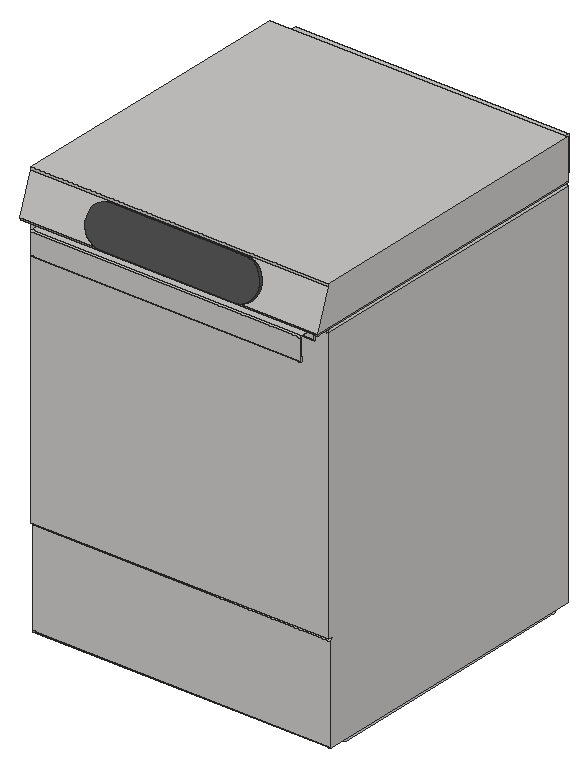
Revit family
Parameters (values of type "Hobart LX30H")
  Model = "LX30H"
  Manufacturer = "Hobart"
  Assembly Code = ""
Reference planes (in)
  plane 1 "Center (Front/Back)": y = 0
  plane 2: z = 0
  plane 3 "Center (Left/Right)": x = 0
  plane 4: x = -11.9708
  plane 5: x = 11.96875
Forms (in)
  Extrusion 1, solid, material "Stainless Steel Satin"
    sketch origin (0, 0, 0) x (0, 1, 0) y (0, 0, 1)
      loop
        line (-11.62501, 8.1255) -> (-11.62501, 8.0665) -> (-11.684, 8.0665) -> (-11.684, 7.97243) -> (-11.72032, 7.96925)
        arc (-11.72032, 7.96925) -> (-11.80822, 7.93557) -> (-11.865, 7.8605) r 0.17111
        line (-11.865, 7.8605) -> (-11.865, 0.21588)
        arc (-11.865, 0.21588) -> (-11.80601, 0.15688) -> (-11.74701, 0.21588) r 0.059
        line (-11.74701, 0.21588) -> (-11.7469, 7.8605) -> (-11.795, 7.8605)
        arc (-11.795, 7.8605) -> (-11.76373, 7.89478) -> (-11.71992, 7.91006) r 0.09449
        line (-11.71992, 7.91006) -> (-11.684, 7.9132) -> (-11.684, 0.1875) -> (11.941, 0.1875) -> (11.941, 8.0665) -> (11.88201, 8.0665) -> (11.88201, 8.1255) -> (11.941, 8.1255) -> (11.941, 30.31348) -> (-11.90599, 30.31348)
        arc (-11.90599, 30.31348) -> (-12.01419, 30.26867) -> (-12.059, 30.16047) r 0.15302
        line (-12.059, 30.16047) -> (-12.059, 8.1255) -> (-11.62501, 8.1255)
    from -11.96875 to 11.96875
  Sweep 2, void
    path origin (0, 0, 0) x (1, 0, 0) y (0, 1, 0)
      loop
        line (0, 11.941) -> (0, -12.059)
    profile origin (0, -0.059, 0) x (1, 0, 0) y (0, 0, 1)
      loop
        arc (11.81629, 30.31348) -> (11.9241, 30.26883) -> (11.96875, 30.16102) r 0.15246
        line (11.96875, 30.16102) -> (11.96875, 30.31348) -> (11.81629, 30.31348)
      loop
        line (-11.81567, 30.31348) -> (-11.96875, 30.31348) -> (-11.96875, 30.16041)
        arc (-11.96875, 30.16041) -> (-11.92392, 30.26865) -> (-11.81567, 30.31348) r 0.15308
  Extrusion 3, solid, material "Stainless Steel Satin"
    sketch origin (0, 0, 0) x (0, 1, 0) y (0, 0, 1)
      loop
        line (-13.14981, 30.37248) -> (11.94101, 30.37248) -> (11.94101, 33.74949) -> (-12.059, 33.74949) -> (-12.059, 33.52178) -> (-13.14981, 30.52482) -> (-13.14981, 30.37248)
    from -11.96875 to 11.96875
  Sweep 4, void
    path origin (0, 0, 0) x (1, 0, 0) y (0, 1, 0)
      loop
        line (11.96875, 11.94101) -> (11.96875, -13.14981) -> (-11.96875, -13.14981) -> (-11.96875, 11.94101)
    profile origin (11.96875, -0.6044, 0) x (1, 0, 0) y (0, 0, 1)
      loop
        line (-0.15234, 30.37248) -> (0, 30.37248) -> (0, 30.52482)
        arc (0, 30.52482) -> (-0.04462, 30.4171) -> (-0.15234, 30.37248) r 0.15234
  Extrusion 5, solid, material "Stainless Steel Satin"
    sketch origin (0, 0, 0) x (0, 1, 0) y (0, 0, 1)
      loop
        line (-11.559, 30.3725) -> (-11.559, 30.31348) -> (11.941, 30.31348) -> (11.941, 30.2545) -> (13.25, 30.2545) -> (13.25, 33.03551) -> (11.94101, 33.03551) -> (11.94101, 30.3725) -> (-11.559, 30.3725)
    from -10.96875 to 10.96875
  Sweep 6, solid, material "Paint Black Glossy"
    path origin (0, 0, 0) x (0, 1, 0) y (0, 0, 1)
      loop
        line (-12.49599, 32.32119) -> (-12.69895, 32.39506)
    profile origin (0, -12.59747, 32.35812) x (0, -0.34202, -0.939693) y (1, 0, 0)
      loop
        line (1.91165, -5.41207) -> (1.91165, 5.41207)
        arc (1.91165, 5.41207) -> (0.34944, 6.97428) -> (-1.21277, 5.41207) r 1.56221
        line (-1.21277, 5.41207) -> (-1.21277, -5.41207)
        arc (-1.21277, -5.41207) -> (0.34944, -6.97428) -> (1.91165, -5.41207) r 1.56221
  Sweep 7, solid
    path origin (0, 0, 0) x (1, 0, 0) y (0, 0, 1)
      loop
        line (10.89124, 0) -> (11.92121, 0)
    profile origin (11.40622, 0, 0) x (0, 0, 1) y (0, -1, 0)
      loop
        arc (0.1875, 10.5329) -> (0.05104, 10.41765) -> (0, 10.24648) r 0.31252
        line (0, 10.24648) -> (0, -10.50356)
        arc (0, -10.50356) -> (0.05104, -10.67473) -> (0.1875, -10.78998) r 0.31252
        line (0.1875, -10.78998) -> (0.1875, 10.5329)
  Sweep 8, solid
    path origin (0, 0, 0) x (-1, 0, 0) y (0, 0, -1)
      loop
        line (10.89124, 0) -> (11.92121, 0)
    profile origin (-11.40622, 0, 0) x (0, 0, -1) y (0, -1, 0)
      loop
        line (-0.1875, 10.5329) -> (-0.1875, -10.78998)
        arc (-0.1875, -10.78998) -> (-0.05104, -10.67473) -> (0, -10.50356) r 0.31252
        line (0, -10.50356) -> (0, 10.24648)
        arc (0, 10.24648) -> (-0.05104, 10.41765) -> (-0.1875, 10.5329) r 0.31252
  Sweep 9, solid, material "Stainless Steel Satin"
    path origin (0, 0, 0) x (1, 0, 0) y (0, 0, 1)
      loop
        line (-10.85876, 28.29986) -> (10.8592, 28.29986)
    profile origin (0.00022, 0, 28.29986) x (0, 0, 1) y (0, -1, 0)
      loop
        line (1.76664, 12.1685) -> (1.06415, 12.1685)
        arc (1.06415, 12.1685) -> (0.98672, 12.13643) -> (0.95465, 12.059) r 0.1095
        line (0.95465, 12.059) -> (1.00165, 12.059)
        arc (1.00165, 12.059) -> (1.01996, 12.1032) -> (1.06415, 12.1215) r 0.0625
        line (1.06415, 12.1215) -> (1.76664, 12.1215)
        arc (1.76664, 12.1215) -> (1.84443, 12.15372) -> (1.87665, 12.2315) r 0.11
        line (1.87665, 12.2315) -> (1.87665, 13.3865)
        arc (1.87665, 13.3865) -> (1.84443, 13.46428) -> (1.76664, 13.4965) r 0.11
        line (1.76664, 13.4965) -> (0.04865, 13.4965)
        arc (0.04865, 13.4965) -> (0.00165, 13.4495) -> (0.04865, 13.40251) r 0.047
        line (0.04865, 13.40251) -> (0.37665, 13.40251) -> (0.37665, 13.44951) -> (1.76663, 13.44951)
        arc (1.76663, 13.44951) -> (1.81119, 13.43105) -> (1.82964, 13.3865) r 0.06301
        line (1.82964, 13.3865) -> (1.82964, 12.2315)
        arc (1.82964, 12.2315) -> (1.81119, 12.18695) -> (1.76664, 12.1685) r 0.063
Cuts and joins
  Sweep 2 cuts Extrusion 1
  Sweep 4 cuts Extrusion 3
Lines and regions (in)
  model lines
    curve 1: line (-10.85876, -12.059, 29.56404) -> (-11.21875, -12.059, 29.56404)
    curve 2: line (-11.21875, -12.059, 29.56404) -> (-11.21875, -12.059, 10.12601)
    curve 3: line (10.8592, -12.059, 29.56404) -> (11.21918, -12.059, 29.56404)
    curve 4: line (11.21918, -12.059, 29.56404) -> (11.21918, -12.059, 10.12601)
    curve 12: line (-11.21875, -12.059, 10.12601) -> (11.21918, -12.059, 10.12601)
    curve 13: line (11.96875, -11.795, 7.8605) -> (11.96875, -11.865, 7.8605)
    curve 14: line (11.96875, -11.684, 7.9132) -> (11.96875, -11.684, 7.97243)
    curve 15: line (11.96875, -11.62501, 8.1255) -> (11.96875, 11.88201, 8.1255)
    curve 16: line (-11.9708, -11.795, 7.8605) -> (-11.9708, -11.865, 7.8605)
    curve 17: line (-11.9708, -11.684, 7.97243) -> (-11.9708, -11.684, 7.9132)
    curve 18: line (-11.9708, -11.62501, 8.1255) -> (-11.9708, 11.88201, 8.1255)
  symbolic lines, style "SpecialityEquipmentHiddenLines"
    curve 5: line (11.96875, 11.94101, 0) -> (-11.9708, 11.94101, 0)
    curve 6: line (11.96875, -13.15187, 0) -> (11.96875, 11.94101, 0)
    curve 7: line (-11.9708, 11.94101, 0) -> (-11.9708, -13.15187, 0)
    curve 8: line (-11.9708, -13.15187, 0) -> (11.96875, -13.15187, 0)
    curve 9: line (-10.96875, 11.94101, 0) -> (-10.96875, 13.25, 0)
    curve 10: line (10.96875, 11.94101, 0) -> (10.96875, 13.25, 0)
    curve 11: line (10.96875, 13.25, 0) -> (-10.96875, 13.25, 0)
Dimensions and locks (in)
  aligned and locked: Sweep 2 sketch curve to Extrusion 1  (x2)
  aligned and locked: Extrusion 1 to Sweep 2 sketch curve  (x2)
  aligned and locked: Sweep 4 sketch curve to Extrusion 3  (x4)
  aligned and locked: Extrusion 3 to Sweep 4 sketch curve
  aligned and locked: cut or joined group of Extrusion 3, Sweep 4 to curve 5
  aligned and locked: curve 5 to cut or joined group of Extrusion 3, Sweep 4
  aligned and locked: curve 7 to cut or joined group of Extrusion 3, Sweep 4
  aligned and locked: curve 8 to cut or joined group of Extrusion 3, Sweep 4
  aligned and locked: curve 9 to Extrusion 5
  aligned and locked: Extrusion 5 to curve 10
  aligned and locked: curve 11 to Extrusion 5
  aligned and locked: cut or joined group of Extrusion 1, Sweep 2 to curve 15
  aligned and locked: curve 18 to curve 15
